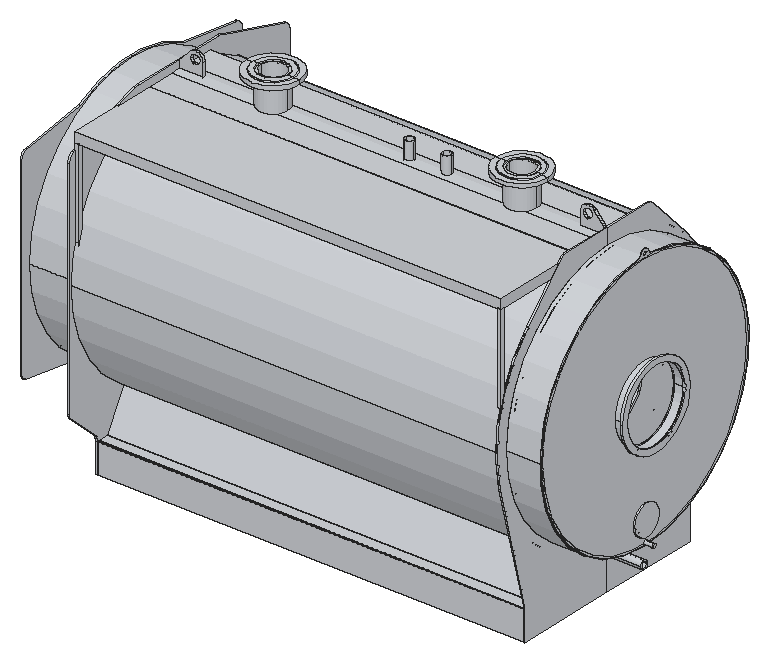
Revit family "BIMON_Котел_Водогрейный_TEMRON_WL1500", category Оборудование, Revit 2019
Family settings
  Размер круглого соединителя = Использовать диаметр
  Классификация = Нет
  Тип детали = Нормальный
  На основе рабочей плоскости = Нет
  Всегда вертикально = Да
  При загрузке вырезать с полостями = Нет
  Общий = Нет
  Точка расчета площади = Нет
Parameters
  УГО_Резмер [instance] = 0 mm
  УГО [instance] = yes
  Разработчик_Сайт = "https://www.bimon.ru/"
  Разработчик = "BIMON"  # constant formula
  Изготовитель = "Temron"  # constant formula
  URL = "https://temron.ru/catalog/temron-wl/main-wl/"
  TERMON_Расход уходящих газов = "2416 кг/ч"
  TEMRON_Теплопроизводительность = "1.5 МВт/1.289 (Гкал/ч)"
  TEMRON_Температура уходящих газов = "180-185 /185-190 °С"
  TEMRON_Температура на выходе из котла = "110 °С"
  TEMRON_Температура на входе в котёл = "60 °С"
  TEMRON_Сопротивление газового тракта = "7 мбар"
  TEMRON_Расход топлива для природного газа = "165.5 м³/ч"
  TEMRON_Расход воды через котел = "51.5 м³/ч"
  TEMRON_Номинальная производительность = "1.5 МВт"
  TEMRON_Максимальное рабочее давление = "0.6 МПа"
  TEMRON_Максимальная температура пара = 110 mm
  TEMRON_КПД = "92.4 %"
  TEMRON_Водяной объём котла = "1.7 м³"
  D5_Уходящие газы = 430 mm  # constant formula
  D4_Дренажный патрубок газового котла = 15 mm  # constant formula
  D3_Дренажный патрубок = 32 mm  # constant formula
  D2_Аварийная линия = 40 mm  # constant formula
  D1_Выход теплоносителя = 150 mm  # constant formula
  D1_Вход теплоносителя = 150 mm  # constant formula
  ADSK_Этаж [instance] = ""
  ADSK_Расход жидкости [instance] = 0.0 L/s
  ADSK_Расход воздуха [instance] = 0.0 L/s
  ADSK_Примечание [instance] = ""
  ADSK_Позиция [instance] = ""
  ADSK_Обозначение = ADSK_Марка  # "WL 1500"
  ADSK_Наименование краткое [instance] = "Котел низкого давления"
  ADSK_Наименование = "Водогрейный котел низкого давления"
  ADSK_Материал = none
  ADSK_Масса_Текст = "2626"
  ADSK_Масса = 2626  # constant formula
  ADSK_Марка = "WL 1500"  # constant formula
  ADSK_Количество = 1  # constant formula
  ADSK_Код изделия = ""
  ADSK_Завод-изготовитель = "Temron"  # constant formula
  ADSK_Единица измерения = "шт"  # constant formula
  ADSK_URL страницы изделия = "https://temron.ru/catalog/temron-wl/vodogreynye-kotly-nizkogo-davleniya-temron-wl-1500/"
Reference planes
  plane 1 "По центру (Вперед/Назад)": y = 0
  plane 2: z = 0
  plane 3 "По центру (Влево/Вправо)": x = 0
  plane 4: z = 1578
  plane 5: z = 1707
  plane 6: z = 1709
  plane 7: z = 1600.288
  plane 8: z = 985
  plane 9: z = 985
  plane 10: z = 985
  plane 11: z = 985
  plane 12: z = 1600.288
  plane 13: z = 985
  plane 14: z = 985
  plane 15: z = 985
  plane 16: x = -110
Forms (mm)
  Extrusion 1, solid, detail levels fine
    sketch origin (0, 0, -65) x (0, 1, 0) y (0, 0, 1)
      loop
        circle (0, 1050) r 678
      loop
        circle (0, 1050) r 670
    from -1250 to 1030
  Extrusion 2, solid, detail levels fine
    sketch origin (-1260, 1234.069, 1135) x (0, 1, 0) y (0, 0, 1)
      loop
        circle (-1236.366, -150) r 642
      loop
        circle (-1236.366, -150) r 636
    from 0 to -10
  Extrusion 3, solid, detail levels fine
    sketch origin (-1260, 1234.069, 1135) x (0, 1, 0) y (0, 0, 1)
      loop
        circle (-1234.069, -150) r 678
      loop
        circle (-1234.069, -150) r 160
    from 0 to -1
  Extrusion 4, solid, detail levels fine
    sketch origin (1038.214, 1168.888, 1135) x (0, 1, 0) y (0, 0, 1)
      loop
        circle (-1168.888, -150) r 668
      loop
        circle (-1168.888, -150) r 678
    from 0 to 10
  Extrusion 5, solid, detail levels fine
    sketch origin (1038, 1168.888, 1135) x (0, 1, 0) y (0, 0, 1)
      loop
        circle (-1168.888, -150) r 678
      loop
        circle (-1168.888, -150) r 180
    from 0 to 10
  Extrusion 6, solid, detail levels fine
    sketch origin (-1260, 1234.069, 1510) x (0, 1, 0) y (0, 0, 1)
      loop
        line (-684.069, -1350) -> (-748.069, -1350) -> (-748.069, -1353.5)
        arc (-748.069, -1353.5) -> (-746.458, -1357.389) -> (-742.569, -1359) r 5.5
        line (-742.569, -1359) -> (-698.769, -1359)
        arc (-698.769, -1359) -> (-692.051, -1361.783) -> (-689.269, -1368.5) r 9.5
        line (-689.269, -1368.5) -> (-689.269, -1491.5)
        arc (-689.269, -1491.5) -> (-692.051, -1498.218) -> (-698.769, -1501) r 9.5
        line (-698.769, -1501) -> (-742.569, -1501)
        arc (-742.569, -1501) -> (-746.458, -1502.611) -> (-748.069, -1506.5) r 5.5
        line (-748.069, -1506.5) -> (-748.069, -1510) -> (-684.069, -1510) -> (-684.069, -1350)
      loop
        line (-1784.069, -1350) -> (-1784.069, -1510) -> (-1720.069, -1510) -> (-1720.069, -1506.5)
        arc (-1720.069, -1506.5) -> (-1721.68, -1502.611) -> (-1725.569, -1501) r 5.5
        line (-1725.569, -1501) -> (-1769.369, -1501)
        arc (-1769.369, -1501) -> (-1776.086, -1498.218) -> (-1778.869, -1491.5) r 9.5
        line (-1778.869, -1491.5) -> (-1778.869, -1368.5)
        arc (-1778.869, -1368.5) -> (-1776.086, -1361.783) -> (-1769.369, -1359) r 9.5
        line (-1769.369, -1359) -> (-1725.569, -1359)
        arc (-1725.569, -1359) -> (-1721.68, -1357.389) -> (-1720.069, -1353.5) r 5.5
        line (-1720.069, -1353.5) -> (-1720.069, -1350) -> (-1784.069, -1350)
    from 10 to 2290
  Sweep 7, solid, detail levels fine
    path origin (290, 0, -254.979) x (1, 0, 0) y (0, 0, 1)
      loop
        line (600, 579.979) -> (600, 529.979)
        arc (600, 529.979) -> (621.967, 476.946) -> (675, 454.979) r 75
        line (675, 454.979) -> (945, 454.979)
    profile origin (890, 0, 300) x (0, -1, 0) y (1, 0, 0)
      loop
        circle (0, 0) r 21
      loop
        circle (0, 0) r 18
  Extrusion 8, solid, detail levels fine
    sketch origin (-1260, 1234.069, 1135) x (0, 1, 0) y (0, 0, 1)
      loop
        circle (-1236.366, -150) r 728
      loop
        circle (-1236.366, -150) r 729
    from 0 to 2290
  Extrusion 9, solid, detail levels fine
    sketch origin (-1260, 1234.069, 963) x (0, 1, 0) y (0, 0, 1)
      loop
        line (-1034.069, 652.488) -> (-1034.069, 746) -> (-1233.069, 746) -> (-1233.069, 730) -> (-1231.069, 730) -> (-1231.069, 744) -> (-1036.069, 744) -> (-1036.069, 652.488) -> (-1034.069, 652.488)
      loop
        line (-1237.065, 730) -> (-1235.065, 730) -> (-1235.065, 746) -> (-1434.069, 746) -> (-1434.069, 649) -> (-1432.069, 649) -> (-1432.069, 744) -> (-1237.065, 744) -> (-1237.065, 730)
    from 2290 to 0
  Extrusion 10, solid, detail levels fine
    sketch origin (-1260, 1234.069, 1510) x (0, 1, 0) y (0, 0, 1)
      loop
        line (-688.573, -1347) -> (-743.573, -1347)
        arc (-743.573, -1347) -> (-746.073, -1346.33) -> (-747.903, -1344.5) r 5
        line (-747.903, -1344.5) -> (-872.874, -1128.044)
        arc (-872.874, -1128.044) -> (-877.706, -1124.324) -> (-883.755, -1125.088) r 8
        line (-883.755, -1125.088) -> (-917.977, -1144.846) -> (-916.477, -1147.445) -> (-882.336, -1127.733)
        arc (-882.336, -1127.733) -> (-878.527, -1127.209) -> (-875.472, -1129.544) r 5
        line (-875.472, -1129.544) -> (-750.493, -1346)
        arc (-750.493, -1346) -> (-747.565, -1348.928) -> (-743.565, -1350) r 8
        line (-743.565, -1350) -> (-688.573, -1350) -> (-688.573, -1347)
      loop
        line (-1779.565, -1347) -> (-1779.565, -1350) -> (-1724.573, -1350)
        arc (-1724.573, -1350) -> (-1720.573, -1348.928) -> (-1717.645, -1346) r 8
        line (-1717.645, -1346) -> (-1592.666, -1129.544)
        arc (-1592.666, -1129.544) -> (-1589.611, -1127.209) -> (-1585.802, -1127.733) r 5
        line (-1585.802, -1127.733) -> (-1551.661, -1147.445) -> (-1550.161, -1144.846) -> (-1584.383, -1125.088)
        arc (-1584.383, -1125.088) -> (-1590.432, -1124.324) -> (-1595.264, -1128.044) r 8
        line (-1595.264, -1128.044) -> (-1720.235, -1344.5)
        arc (-1720.235, -1344.5) -> (-1722.065, -1346.33) -> (-1724.565, -1347) r 5
        line (-1724.565, -1347) -> (-1779.565, -1347)
    from 10 to 2290
  Revolve 11, solid, detail levels fine
    sketch origin (0, 0, -65) x (1, 0, 0) y (0, 0, 1)
      loop
        line (-1263, 600) -> (-1263, 590) -> (721, 590)
        spline (721, 590) -> (752.914, 594.181) -> (783.957, 606.519) -> (813.481, 626.554) -> (841.056, 653.741) -> (866.35, 687.534) -> (889.044, 727.34) -> (908.842, 772.477) -> (925.458, 822.23) -> (938.661, 875.768) -> (948.245, 932.203) -> (954.053, 990.607) -> (956, 1050)
        line (956, 1050) -> (946, 1050)
        spline (946, 1050) -> (944.075, 991.263) -> (938.333, 933.531) -> (928.873, 877.792) -> (915.856, 825) -> (899.505, 776.057) -> (880.099, 731.802) -> (857.971, 692.991) -> (833.5, 660.289) -> (807.104, 634.254) -> (779.234, 615.333) -> (750.368, 603.85) -> (721, 600)
        line (721, 600) -> (-1263, 600)
      axis (-1263, 1050) -> (956, 1050)
    angle from 0 to 360
  Revolve 12, solid, detail levels fine
    sketch origin (290, 0, -65) x (1, 0, 0) y (0, 0, 1)
      loop
        line (758, 1441) -> (541, 1441) -> (560.459, 1408.74) -> (758, 1408.74) -> (758, 1427.442) -> (758, 1441)
      axis (541, 1050) -> (758, 1050)
    angle from 0 to 360
  Revolve 13, solid, detail levels fine
    sketch origin (290, 0, -65) x (1, 0, 0) y (0, 0, 1)
      loop
        line (784.575, 1238.5) -> (638.657, 1238.5) -> (638.657, 1050) -> (646.657, 1050) -> (646.657, 1229.503) -> (784.575, 1229.503) -> (784.575, 1238.5)
      axis (784.575, 1050) -> (638.657, 1050)
    angle from 0 to 360
  Revolve 14, solid, detail levels fine
    sketch origin (580, 0, 1666.63) x (1, 0, 0) y (0, 0, 1)
      loop
        line (-79.5, 188.37) -> (-79.5, 212.37) -> (-106, 212.37) -> (-109, 209.37) -> (-140, 209.37) -> (-140, 188.37) -> (-79.5, 188.37)
      axis (0, 212.37) -> (0, 188.37)
    angle from 0 to 360
  Extrusion 15, solid, detail levels fine
    sketch origin (-1570, 0, 985) x (0, 1, 0) y (0, 0, 1)
      loop
        circle (0, 0) r 691
      loop
        circle (0, 0) r 685
    from 65 to 300
  Revolve 16, solid, detail levels fine
    sketch origin (-1570, 0, 985) x (1, 0, 0) y (0, 0, 1)
      loop
        line (300, -685) -> (300, -655) -> (239.893, -655) -> (68, -655)
        arc (68, -655) -> (65.879, -655.879) -> (65, -658) r 3
        line (65, -658) -> (65, -685) -> (300, -685)
      axis (65, 0) -> (300, 0)
    angle from 0 to 360
  Extrusion 17, solid, detail levels fine
    sketch origin (-1505, 0, 985) x (0, 1, 0) y (0, 0, 1)
      loop
        line (342.885, -604.528) -> (701.07, -549.537)
        arc (701.07, -549.537) -> (725.355, -536.05) -> (735, -510) r 40
        line (735, -510) -> (735, 510)
        arc (735, 510) -> (725.355, 536.05) -> (701.07, 549.537) r 40
        line (701.07, 549.537) -> (342.885, 604.528)
        arc (342.885, 604.528) -> (0, 694.999) -> (-342.885, 604.528) r 694.999
        line (-342.885, 604.528) -> (-701.07, 549.537)
        arc (-701.07, 549.537) -> (-725.355, 536.05) -> (-735, 510) r 40
        line (-735, 510) -> (-735, -510)
        arc (-735, -510) -> (-725.355, -536.05) -> (-701.07, -549.537) r 40
        line (-701.07, -549.537) -> (-342.885, -604.528)
        arc (-342.885, -604.528) -> (0, -694.999) -> (342.885, -604.528) r 694.999
      loop
        circle (0, 0) r 160
    from 0 to -10
  Extrusion 18, solid, detail levels fine
    sketch origin (-1223.3, -1524, 2018.003) x (0, 0, 1) y (0, -1, 0)
      loop
        circle (-1033.003, -1524) r 220
      loop
        circle (-1033.003, -1524) r 250
    from -301.7 to -291.7
  Extrusion 19, solid, detail levels fine
    sketch origin (-1231.336, -1524, 2018.003) x (0, 0, 1) y (0, -1, 0)
      loop
        circle (-1033.003, -1524) r 250
    from -309.664 to -293.664
  Extrusion 20, solid, detail levels fine
    sketch origin (1305, 0, 984.999) x (0, -1, 0) y (0, 0, 1)
      loop
        circle (0, 0) r 691
      loop
        circle (0, 0) r 685
    from 67 to 252
  Extrusion 21, solid, detail levels fine
    sketch origin (1235, 0, 985) x (0, -1, 0) y (0, 0, 1)
      loop
        circle (0, 0) r 197.5
      loop
        circle (0, -565) r 65
      loop
        arc (45.779, 693.49) -> (33.247, 697.783) -> (24.668, 707.877) r 25
        line (24.668, 707.877) -> (20.392, 717.046)
        arc (20.392, 717.046) -> (0, 730.038) -> (-20.392, 717.046) r 22.5
        line (-20.392, 717.046) -> (-24.668, 707.877)
        arc (-24.668, 707.877) -> (-33.247, 697.783) -> (-45.779, 693.49) r 25
        arc (-45.779, 693.49) -> (0, -694.999) -> (45.779, 693.49) r 694.999
      loop
        circle (0, 707.538) r 12.5
    from 0 to -3
  Extrusion 22, solid, detail levels fine
    sketch origin (1237, 0, 985) x (0, -1, 0) y (0, 0, 1)
      loop
        circle (0, 0) r 197.5
      loop
        circle (0, 0) r 200.5
    from -1 to -51
  Extrusion 23, solid, detail levels fine
    sketch origin (1237, 0, 985) x (0, -1, 0) y (0, 0, 1)
      loop
        circle (0, 0) r 225
      loop
        circle (0, 0) r 195
    from -63 to -51
  Revolve 24, solid, detail levels fine
    sketch origin (1815, 0, 985) x (-1, 0, 0) y (0, 0, 1)
      loop
        line (745, -655.001) -> (745, -685.001) -> (765, -685.001) -> (765, -655.001) -> (745, -655.001)
      axis (745, 0) -> (765, 0)
    angle from 0 to 360
  Extrusion 25, solid, detail levels fine
    sketch origin (940, 0, 1828.988) x (-1, 0, 0) y (0, 0, 1)
      loop
        line (-30.78, -18.84) -> (-90, -85.988) -> (-90, -165.988) -> (40, -165.988) -> (40, -45.988)
        arc (40, -45.988) -> (13.936, -8.1) -> (-30.78, -18.84) r 40.606
      loop
        circle (0, -45.988) r 25
    from -5 to 5
  Extrusion 26, solid, detail levels fine
    sketch origin (1040, 5725.278, 2379.673) x (0, -1, 0) y (0, 0, -1)
      loop
        line (5725.278, 2379.673) -> (5725.278, 2204.673)
        arc (5725.278, 2204.673) -> (5750.278, 2179.673) -> (5725.278, 2154.673) r 25
        line (5725.278, 2154.673) -> (5725.278, 2072.673)
        arc (5725.278, 2072.673) -> (6403.8, 1394.934) -> (5725.8, 716.673) r 678
        line (5725.8, 716.673) -> (5725.8, 634.673) -> (5995.278, 634.673)
        arc (5995.278, 634.673) -> (6014.739, 638.616) -> (6031.131, 649.823) r 50
        line (6031.131, 649.823) -> (6252.316, 882.369)
        arc (6252.316, 882.369) -> (6435.392, 1205.036) -> (6437.556, 1576.017) r 735
        line (6437.556, 1576.017) -> (6276.824, 2207.337)
        arc (6276.824, 2207.337) -> (6275.666, 2213.457) -> (6275.278, 2219.673) r 50
        line (6275.278, 2219.673) -> (6275.278, 2379.673) -> (5725.278, 2379.673)
    from -2 to -10
  Extrusion 27, solid, detail levels fine
    sketch origin (-1260, -1234.069, 1135) x (0, -1, 0) y (0, 0, -1)
      loop
        line (-1794.829, 944.013) -> (-1958.309, 795.987)
        arc (-1958.309, 795.987) -> (-1966.302, 781.401) -> (-1969.069, 765) r 50
        line (-1969.069, 765) -> (-1969.069, -435)
        arc (-1969.069, -435) -> (-1961.309, -461.754) -> (-1940.438, -480.204) r 50
        line (-1940.438, -480.204) -> (-1525.438, -605.204)
        arc (-1525.438, -605.204) -> (-1515.019, -608.786) -> (-1504.069, -610) r 50
        line (-1504.069, -610) -> (-1234.069, -610) -> (-1234.069, -528)
        arc (-1234.069, -528) -> (-1912.069, 150) -> (-1234.069, 828) r 678
        line (-1234.069, 828) -> (-1234.069, 1135) -> (-1784.069, 1135) -> (-1784.069, 975)
        arc (-1784.069, 975) -> (-1786.835, 958.599) -> (-1794.829, 944.013) r 50
    from 0 to 10
  Extrusion 28, solid, detail levels fine
    sketch origin (1238, 0, 880) x (0, 1, 0) y (0, 0, 1)
      loop
        circle (0, -460) r 80
      loop
        circle (0, -387.5) r 4.75
      loop
        circle (62.787, -496.25) r 4.75
      loop
        circle (-62.787, -496.25) r 4.75
    from 0 to 13
  Extrusion 29, solid, detail levels fine
    sketch origin (-3963.688, -1524, 1200) x (-1, 0, 0) y (0, -1, 0)
      loop
        circle (-4143.688, -1524) r 23.9
      loop
        circle (-4143.688, -1524) r 22.4
    from 448 to 600
  Sweep 30, solid, detail levels fine
    path origin (-145.676, 0, 482.193) x (0.985926, 0, 0.167181) y (-0.167181, 0, 0.985926)
      loop
        line (-1179.33, 1175.923) -> (-1218.406, 1197.703)
    profile origin (-1526.084, 0, 1451.875) x (-0.333982, 0, -0.942579) y (0, -1, 0)
      loop
        circle (0, 0.103) r 24
  Sweep 31, solid, detail levels fine
    path origin (-127.786, 0, 475.548) x (0.985926, 0, 0.167181) y (-0.167181, 0, 0.985926)
      loop
        line (-1234.933, 1207.246) -> (-1264.633, 1223.8)
    profile origin (-1563.192, 0, 1465.023) x (-0.333982, 0, -0.942579) y (0, -1, 0)
      loop
        circle (0, 0) r 30
  Extrusion 32, solid, detail levels fine
    sketch origin (-1160, 0, 1828.988) x (1, 0, 0) y (0, 0, -1)
      loop
        arc (-30.78, 18.84) -> (13.936, 8.1) -> (40, 45.988) r 40.606
        line (40, 45.988) -> (40, 165.988) -> (-90, 165.988) -> (-90, 85.988) -> (-30.78, 18.84)
      loop
        circle (0, 45.988) r 25
    from -5 to 5
  Extrusion 33, solid, detail levels fine
    sketch origin (580.127, 0, 1650) x (1, 0, 0) y (0, 1, 0)
      loop
        circle (0, 0) r 80
      loop
        circle (0, 0) r 66.5
    from -5 to 226
  Extrusion 34, solid, detail levels fine
    sketch origin (-1260, 171.997, 969) x (0, 1, 0) y (0, 0, 1)
      loop
        line (-871.997, 740) -> (-871.997, 690) -> (-371.997, 690) -> (-371.997, 740) -> (-871.997, 740)
    from 10 to 2290
  Extrusion 35, solid, detail levels fine
    sketch origin (-1307.815, -1304.985, 1629) x (-1, 0, 0) y (0, -1, 0)
      loop
        line (-57.815, -624.985) -> (-57.815, -604.985) -> (-77.815, -604.985) -> (-77.815, -624.985) -> (-57.815, -624.985)
      loop
        line (-2317.815, -624.985) -> (-2317.815, -604.985) -> (-2337.815, -604.985) -> (-2337.815, -624.985) -> (-2317.815, -624.985)
    from -616 to 30
  Extrusion 36, solid, detail levels fine
    sketch origin (-1260, 1234.069, 1135) x (0, 1, 0) y (0, 0, 1)
      loop
        arc (-1794.829, -944.013) -> (-1786.835, -958.599) -> (-1784.069, -975) r 50
        line (-1784.069, -975) -> (-1784.069, -1135) -> (-1234.069, -1135) -> (-1234.069, -828)
        arc (-1234.069, -828) -> (-1912.069, -150) -> (-1234.069, 528) r 678
        line (-1234.069, 528) -> (-1234.069, 610) -> (-1504.069, 610)
        arc (-1504.069, 610) -> (-1515.019, 608.786) -> (-1525.438, 605.204) r 50
        line (-1525.438, 605.204) -> (-1940.438, 480.204)
        arc (-1940.438, 480.204) -> (-1961.309, 461.754) -> (-1969.069, 435) r 50
        line (-1969.069, 435) -> (-1969.069, -765)
        arc (-1969.069, -765) -> (-1966.302, -781.401) -> (-1958.309, -795.987) r 50
        line (-1958.309, -795.987) -> (-1794.829, -944.013)
    from 0 to 10
  Extrusion 37, solid, detail levels fine
    sketch origin (1040, -5725.278, 2379.673) x (0, 1, 0) y (0, 0, 1)
      loop
        line (5725.278, -2379.673) -> (6275.278, -2379.673) -> (6275.278, -2219.673)
        arc (6275.278, -2219.673) -> (6275.666, -2213.457) -> (6276.824, -2207.337) r 50
        line (6276.824, -2207.337) -> (6437.556, -1576.017)
        arc (6437.556, -1576.017) -> (6435.392, -1205.036) -> (6252.316, -882.369) r 735
        line (6252.316, -882.369) -> (6031.131, -649.823)
        arc (6031.131, -649.823) -> (6014.739, -638.616) -> (5995.278, -634.673) r 50
        line (5995.278, -634.673) -> (5725.8, -634.673) -> (5725.8, -716.673)
        arc (5725.8, -716.673) -> (6403.8, -1394.934) -> (5725.278, -2072.673) r 678
        line (5725.278, -2072.673) -> (5725.278, -2154.673)
        arc (5725.278, -2154.673) -> (5750.278, -2179.673) -> (5725.278, -2204.673) r 25
        line (5725.278, -2204.673) -> (5725.278, -2379.673)
    from -2 to -10
  Revolve 38, solid, detail levels fine
    sketch origin (-750, 0, 1666.63) x (1, 0, 0) y (0, 0, 1)
      loop
        line (-79.5, 188.37) -> (-79.5, 212.37) -> (-106, 212.37) -> (-109, 209.37) -> (-140, 209.37) -> (-140, 188.37) -> (-79.5, 188.37)
      axis (0, 212.37) -> (0, 188.37)
    angle from 0 to 360
  Extrusion 39, solid, detail levels fine
    sketch origin (-749.873, 0, 1650) x (1, 0, 0) y (0, 1, 0)
      loop
        circle (0, 0) r 80
      loop
        circle (0, 0) r 66.5
    from -5 to 226
  Extrusion 40, solid, detail levels fine
    sketch origin (-4163.688, -1524, 1200) x (-1, 0, 0) y (0, -1, 0)
      loop
        circle (-4143.688, -1524) r 23.9
      loop
        circle (-4143.688, -1524) r 22.4
    from 448 to 600
  Revolve 41, solid, detail levels fine
    sketch origin (-1359.916, 0, 985) x (1, 0, 0) y (0, 0, 1)
      loop
        line (-145.084, 160) -> (89.916, 160) -> (89.916, 685) -> (-145.084, 685) -> (-145.084, 160)
      axis (89.916, 0) -> (-145.084, 0)
    angle from 0 to 360
  Revolve 42, solid
    sketch origin (462, 0, 140.626) x (1, 0, 0) y (0, 0, 1)
      loop
        line (776, 169.32) -> (826, 169.32) -> (826, 179.32) -> (776, 179.32) -> (776, 169.32)
      axis (776, 169.32) -> (826, 169.32)
    angle from 0 to 360
Lines and regions (mm)
  model lines, detail levels coarse+medium
    curve 1: line (-1610, 0, 2485) -> (1390, 0, 2485)
    curve 2: line (-1610, 0, -515) -> (-1610, 0, 2485)
    curve 3: line (1390, 0, -515) -> (-1610, 0, -515)
    curve 4: line (1390, 0, 2485) -> (1390, 0, -515)
Dimensions and locks
  plane 9 to level = 985 mm
  plane 10 to level = 985 mm
  plane 11 to level = 985 mm
  Revolve 41 sketch curve to Revolve 41 sketch curve = 160 mm
  Revolve 41 sketch curve to Revolve 41 sketch curve = 685 mm
  curve 2 to plane 16 = 1500 mm
  plane 16 to curve 4 = 1500 mm
  curve 1 to plane 15 = 1500 mm
  plane 15 to curve 3 = 1500 mm
  nested 3 to nested 3 = 3000 mm
  aligned and locked: level to plane 2
  aligned and locked: Extrusion 6 to Extrusion 1
  aligned and locked: Extrusion 1 to Extrusion 6
  aligned and locked: Extrusion 17 to Sweep 30 sketch curve
Nested families
  nested 1: "Надпись_Temron_крышка_WL1500" at (-1515, -306, 1315) x (0, -1, 0) z (1, 0, 0), type "Надпись_Temron_крышка_WL1500", detail levels fine
  nested 2: "Надпись_Temron_бак_WL1500" at (-110, -2.297, 985) x (-1, 0, 0) z (0, 0, 1), type "Надпись_Temron_бак_WL1500", detail levels fine
  nested 3: "УГО_Котел_Разрез" at (-110, 0, 0), visible <- "УГО", type "УГО_Котел_Разрез", detail levels coarse+medium
    with H 3000 mm
Connectors
  piping at (1288, 0, 309.946), diameter 15, driven by "D4_Дренажный патрубок газового котла"
    settings: on Revolve 42, index 15, connector inside diameter 609.6 mm, connector length 0 mm, flow factor 0, pipe flow 0.0 L/s, pressure drop 0.0 Pa, fitting loss kfactor 0, connector angle 0.00°, fixture units 0, engagement length 0 mm, angle of deflection 0.00°, flow configuration 1, flow direction 1, fitting loss method 0, system type 29, joint type 0, gender type 0, connector reference index -1, connector utility 0, adjustable connector no, is connector primary yes, connector description ""
  piping at (-749.873, 0, 1876), diameter 150, driven by "D1_Выход теплоносителя"
    settings: on Extrusion 39, index 16, connector inside diameter 609.6 mm, connector length 0 mm, flow factor 0, pipe flow 0.0 L/s, pressure drop 0.0 Pa, fitting loss kfactor 0, connector angle 0.00°, fixture units 0, engagement length 0 mm, angle of deflection 0.00°, flow configuration 0, flow direction 0, fitting loss method 0, system type 29, joint type 0, gender type 0, connector reference index -1, connector utility 0, adjustable connector no, is connector primary no, connector description ""
  piping at (580.127, 0, 1876), diameter 150, driven by "D1_Вход теплоносителя"
    settings: on Extrusion 33, index 17, connector inside diameter 609.6 mm, connector length 0 mm, flow factor 0, pipe flow 0.0 L/s, pressure drop 0.0 Pa, fitting loss kfactor 0, connector angle 0.00°, fixture units 0, engagement length 0 mm, angle of deflection 0.00°, flow configuration 0, flow direction 0, fitting loss method 0, system type 29, joint type 0, gender type 0, connector reference index -1, connector utility 0, adjustable connector no, is connector primary no, connector description ""
  piping at (180, 0, 1800), diameter 40, driven by "D2_Аварийная линия"
    settings: on Extrusion 29, index 18, connector inside diameter 609.6 mm, connector length 0 mm, flow factor 0, pipe flow 0.0 L/s, pressure drop 0.0 Pa, fitting loss kfactor 0, connector angle 0.00°, fixture units 0, engagement length 0 mm, angle of deflection 0.00°, flow configuration 0, flow direction 0, fitting loss method 0, system type 29, joint type 0, gender type 0, connector reference index -1, connector utility 0, adjustable connector no, is connector primary no, connector description ""
  piping at (-20, 0, 1800), diameter 40, driven by "D2_Аварийная линия"
    settings: on Extrusion 40, index 19, connector inside diameter 609.6 mm, connector length 0 mm, flow factor 0, pipe flow 0.0 L/s, pressure drop 0.0 Pa, fitting loss kfactor 0, connector angle 0.00°, fixture units 0, engagement length 0 mm, angle of deflection 0.00°, flow configuration 0, flow direction 0, fitting loss method 0, system type 29, joint type 0, gender type 0, connector reference index -1, connector utility 0, adjustable connector no, is connector primary no, connector description ""
  piping at (1235, 0, 200), diameter 32, driven by "D3_Дренажный патрубок"
    settings: on Sweep 7, index 20, connector inside diameter 609.6 mm, connector length 0 mm, flow factor 0, pipe flow 0.0 L/s, pressure drop 0.0 Pa, fitting loss kfactor 0, connector angle 0.00°, fixture units 0, engagement length 0 mm, angle of deflection 0.00°, flow configuration 1, flow direction 1, fitting loss method 0, system type 29, joint type 0, gender type 0, connector reference index -1, connector utility 0, adjustable connector no, is connector primary no, connector description ""
  hvac at (1300, 0, 985), driven by "D5_Уходящие газы"
    settings: on Extrusion 23, index 21, duct flow 0.0 L/s, flow factor 0, pres drop 0.0 Pa, loss coef 0, conn angle 0.00°, conn width 304.8 mm, conn height 304.8 mm, conn diameter 430 mm, duct sys type 29, conn prof type 0, flow config 1, flow direction 2, loss method 0, conn ref index -1, conn util no, is conn primary yes, conn desc ""
Definition of nested family "Надпись_Temron_крышка_WL1500"
  Parameters (values of type "Надпись_Temron_крышка_WL800")
    Default Elevation = 1219.2 mm
    Красный = none
    Белый = none
  Reference planes
    plane 1 "По центру (Вперед/Назад)": y = 0
    plane 2: z = 0
    plane 3 "По центру (Влево/Вправо)": x = 0
    plane 4: z = -0.5
    plane 5: z = -1
  Forms (mm)
    Extrusion 1, solid
      sketch origin (0, 0, 0) x (1, 0, 0) y (0, 1, 0)
        loop
          line (-1219.2, 1219.2) -> (-1219.2, -1219.2) -> (1300.204, -1219.2) -> (1300.204, 1219.2) -> (-1219.2, 1219.2)
      from 0 to -304.8
    Extrusion 2, solid, material <- "Белый"
      sketch origin (0, 0, 0) x (1, 0, 0) y (0, 1, 0)
        loop
          line (-150, 36.22) -> (-150, -36.22) -> (150, -36.22) -> (150, 36.22) -> (-150, 36.22)
      from -0.5 to 0
    Extrusion 3, solid, material <- "Красный"
      sketch origin (0, 0, 0) x (1, 0, 0) y (0, 1, 0)
        loop
          line (-150, -21.546) -> (-107.313, -21.546) -> (-107.313, -12.491) -> (-120.248, -12.491) -> (-120.248, 22.435) -> (-125.422, 22.435) -> (-131.89, 22.435) -> (-131.89, -12.491) -> (-150, -12.491) -> (-150, -21.546)
        loop
          line (-100.647, -21.546) -> (-69.471, -21.546) -> (-69.471, -12.491) -> (-90.168, -12.491) -> (-90.168, -3.436) -> (-72.058, -3.436) -> (-72.058, 4.325) -> (-90.168, 4.325) -> (-90.168, 13.38) -> (-69.471, 13.38) -> (-69.471, 22.435) -> (-100.647, 22.435) -> (-100.647, -21.546)
        loop
          line (-61.763, -21.546) -> (-49.852, -21.546) -> (-37.893, -4.466) -> (-25.526, -21.546) -> (-13.901, -21.546) -> (-13.901, 22.435) -> (-13.901, 36.22) -> (-25.543, 36.22) -> (-25.543, -3.436) -> (-34.749, 9.279) -> (-41.217, 9.279) -> (-50.12, -3.436) -> (-50.12, 22.435) -> (-61.763, 22.435) -> (-61.763, -21.546)
        loop
          line (-4.868, -21.546) -> (20.529, -21.546)
          spline (20.529, -21.546) -> (23.36, -20.809) -> (25.985, -19.266) -> (28.246, -17.012) -> (30.005, -14.181) -> (31.157, -10.946) -> (31.631, -7.503) -> (31.399, -4.059) -> (30.475, -0.824) -> (28.914, 2.006) -> (26.812, 4.261) -> (24.295, 5.804) -> (21.516, 6.541)
          line (21.516, 6.541) -> (32.646, 22.435) -> (21.16, 22.435) -> (12.54, 10.124)
          arc (12.54, 10.124) -> (8.195, 8.649) -> (5.481, 12.35) r 3.881
          line (5.481, 12.35) -> (5.481, 22.435) -> (-4.868, 22.435) -> (-4.868, -21.546)
        loop
          line (89.798, -21.546) -> (100.146, -21.546) -> (120.809, 7.963) -> (120.809, -21.546) -> (132.451, -21.546) -> (132.451, 22.435) -> (117.814, 22.435) -> (101.44, -0.95) -> (101.44, 22.435) -> (89.798, 22.435) -> (89.798, -21.546)
        loop
          line (5.481, 0) -> (5.481, -11.642) -> (14.679, -11.642)
          arc (14.679, -11.642) -> (20.5, -5.821) -> (14.679, 0) r 5.821
          line (14.679, 0) -> (5.481, 0)
        loop
          spline (59.714, -13.38) -> (62.728, -12.924) -> (65.535, -11.587) -> (67.947, -9.461) -> (69.797, -6.69) -> (70.96, -3.463) -> (71.356, 0) -> (70.96, 3.463) -> (69.797, 6.69) -> (67.947, 9.461) -> (65.535, 11.587) -> (62.728, 12.924) -> (59.714, 13.38)
          spline (59.714, 13.38) -> (56.701, 12.924) -> (53.893, 11.587) -> (51.482, 9.461) -> (49.632, 6.69) -> (48.469, 3.463) -> (48.072, 0) -> (48.469, -3.463) -> (49.632, -6.69) -> (51.482, -9.461) -> (53.893, -11.587) -> (56.701, -12.924) -> (59.714, -13.38)
        loop
          spline (59.714, -22.435) -> (65.406, -21.671) -> (70.71, -19.429) -> (75.264, -15.864) -> (78.759, -11.217) -> (80.956, -5.807) -> (81.705, 0) -> (80.956, 5.807) -> (78.759, 11.217) -> (75.264, 15.864) -> (70.71, 19.429) -> (65.406, 21.671) -> (59.714, 22.435)
          spline (59.714, 22.435) -> (54.023, 21.671) -> (48.719, 19.429) -> (44.165, 15.864) -> (40.67, 11.217) -> (38.473, 5.807) -> (37.724, 0) -> (38.473, -5.807) -> (40.67, -11.217) -> (44.165, -15.864) -> (48.719, -19.429) -> (54.023, -21.671) -> (59.714, -22.435)
      from -0.5 to -1
  Dimensions and locks
    level to plane 4 = 0.5 mm
    level to plane 5 = 1 mm
    aligned and locked: plane 2 to Extrusion 1
    aligned and locked: level to Extrusion 1
    aligned and locked: level to Extrusion 2
    aligned and locked: Extrusion 2 to plane 4
    aligned and locked: Extrusion 2 to Extrusion 3
    aligned and locked: Extrusion 3 to plane 5
Definition of nested family "Надпись_Temron_бак_WL1500"
  Parameters (values of type "Надпись_Temron_бак_WL1500")
    Default Elevation = 1219.2 mm
    Красный = none
  Reference planes
    plane 1 "По центру (Вперед/Назад)": y = 0
    plane 2: z = 0
    plane 3 "По центру (Влево/Вправо)": x = 0
    plane 4: x = -600
    plane 5: x = 600
    plane 6: z = 150
    plane 7: z = -150
    plane 8: y = -300
  Forms (mm)
    Extrusion 1, solid, material <- "Красный"
      sketch origin (4267.2, -300, 603.455) x (0, 0, 1) y (1, 0, 0)
        loop
          line (-418.455, -5007.2) -> (-418.455, -3527.2) -> (-788.455, -3527.2) -> (-788.455, -4315.716) -> (-724.405, -4315.716) -> (-500.949, -4315.716) -> (-500.949, -4374.783) -> (-587.727, -4437.613) -> (-500.949, -4498.375) -> (-500.949, -4558.889) -> (-724.405, -4558.889) -> (-724.405, -4499.739) -> (-592.96, -4499.739) -> (-657.564, -4454.503) -> (-657.564, -4421.641) -> (-592.96, -4374.866) -> (-788.455, -4374.866) -> (-788.455, -5007.2) -> (-546.955, -5007.2) -> (-546.955, -4915.189) -> (-724.405, -4915.189) -> (-724.405, -4856.039) -> (-546.955, -4856.039) -> (-546.955, -4790.316) -> (-500.949, -4790.316) -> (-500.949, -5007.2) -> (-418.455, -5007.2)
        loop
          line (-500.949, -4756.449) -> (-500.949, -4598.053) -> (-546.955, -4598.053) -> (-546.955, -4703.208) -> (-592.96, -4703.208) -> (-592.96, -4611.197) -> (-632.394, -4611.197) -> (-632.394, -4703.208) -> (-678.399, -4703.208) -> (-678.399, -4598.053) -> (-724.405, -4598.053) -> (-724.405, -4756.449) -> (-500.949, -4756.449)
        loop
          line (-724.405, -4269.821) -> (-500.949, -4269.821) -> (-500.949, -4140.786)
          spline (-500.949, -4140.786) -> (-504.693, -4126.404) -> (-512.531, -4113.067) -> (-523.987, -4101.581) -> (-538.369, -4092.641) -> (-554.805, -4086.79) -> (-572.299, -4084.381) -> (-589.794, -4085.561) -> (-606.23, -4090.257) -> (-620.611, -4098.185) -> (-632.068, -4108.866) -> (-639.905, -4121.653) -> (-643.65, -4135.771)
          line (-643.65, -4135.771) -> (-724.405, -4079.226) -> (-724.405, -4137.579) -> (-661.858, -4181.375)
          arc (-661.858, -4181.375) -> (-654.363, -4203.455) -> (-673.167, -4217.243) r 19.717
          line (-673.167, -4217.243) -> (-724.405, -4217.243) -> (-724.405, -4269.821)
        loop
          arc (-551.268, -4170.511) -> (-580.843, -4140.936) -> (-610.418, -4170.511) r 29.575
          line (-610.418, -4170.511) -> (-610.418, -4217.243) -> (-551.268, -4217.243) -> (-551.268, -4170.511)
        loop
          spline (-542.438, -3941.696) -> (-544.754, -3926.387) -> (-551.545, -3912.121) -> (-562.349, -3899.871) -> (-576.428, -3890.471) -> (-592.824, -3884.562) -> (-610.418, -3882.546) -> (-628.013, -3884.562) -> (-644.409, -3890.471) -> (-658.488, -3899.871) -> (-669.291, -3912.121) -> (-676.083, -3926.387) -> (-678.399, -3941.696)
          spline (-678.399, -3941.696) -> (-676.083, -3957.006) -> (-669.291, -3971.272) -> (-658.488, -3983.522) -> (-644.409, -3992.922) -> (-628.013, -3998.831) -> (-610.418, -4000.847) -> (-592.824, -3998.831) -> (-576.428, -3992.922) -> (-562.349, -3983.522) -> (-551.545, -3971.272) -> (-544.754, -3957.006) -> (-542.438, -3941.696)
        loop
          spline (-496.432, -3941.696) -> (-500.316, -3912.779) -> (-511.703, -3885.833) -> (-529.818, -3862.693) -> (-553.425, -3844.937) -> (-580.917, -3833.776) -> (-610.418, -3829.969) -> (-639.92, -3833.776) -> (-667.412, -3844.937) -> (-691.019, -3862.693) -> (-709.133, -3885.833) -> (-720.521, -3912.779) -> (-724.405, -3941.696)
          spline (-724.405, -3941.696) -> (-720.521, -3970.614) -> (-709.133, -3997.56) -> (-691.019, -4020.7) -> (-667.412, -4038.456) -> (-639.92, -4049.617) -> (-610.418, -4053.424) -> (-580.917, -4049.617) -> (-553.425, -4038.456) -> (-529.818, -4020.7) -> (-511.703, -3997.56) -> (-500.316, -3970.614) -> (-496.432, -3941.696)
        loop
          line (-724.405, -3788.85) -> (-500.949, -3788.85) -> (-500.949, -3736.272) -> (-650.876, -3631.292) -> (-500.949, -3631.292) -> (-500.949, -3572.142) -> (-724.405, -3572.142) -> (-724.405, -3646.507) -> (-605.594, -3729.7) -> (-724.405, -3729.7) -> (-724.405, -3788.85)
      from 0 to -462.513
    Extrusion 2, void
      sketch origin (0, 366.649, -506.998) x (0, 1, 0) y (0, 0, 1)
        loop
          circle (-366.649, 506.998) r 729
      from -1351.217 to 1540.529
    Extrusion 3, void
      sketch origin (0, 0, 0) x (0, 1, 0) y (0, 0, 1)
        loop
          circle (0, 0) r 730
        loop
          circle (0, 0) r 860
      from -1499.991 to 995.39
  Cuts and joins
    Extrusion 2, Extrusion 3 cuts Extrusion 1
  Dimensions and locks
    plane 5 to plane 3 "По центру (Влево/Вправо)" to plane 4 = 600 mm, 600 mm
    plane 6 to level = 150 mm
    level to plane 7 = 150 mm
    plane 8 to plane 1 "По центру (Вперед/Назад)" = 300 mm
    radius of Extrusion 2 sketch curve = 729 mm
    aligned and locked: level to plane 2
Definition of nested family "УГО_Котел_Разрез"
  Parameters (values of type "УГО_Котел_Разрез")
    H [instance] = 250 mm
  Reference planes
    plane 1 "По центру (Вперед/Назад)": y = 0
    plane 2: z = 0
    plane 3 "По центру (Влево/Вправо)": x = 0
  Lines and regions (mm)
    detail lines, in view "Опорный уровень"
      curve 1: line (-125, 125, 0) -> (125, 125, 0)
      curve 2: line (-125, -125, 0) -> (-125, 125, 0)
      curve 3: line (125, -125, 0) -> (-125, -125, 0)
      curve 4: line (125, 125, 0) -> (125, -125, 0)
  Dimensions and locks
    equal spacing: curve 2, plane 3 "По центру (Влево/Вправо)", curve 4
    equal spacing: curve 3, plane 1 "По центру (Вперед/Назад)", curve 1
    "H": curve 1 to curve 3
    "H": curve 2 to curve 4
